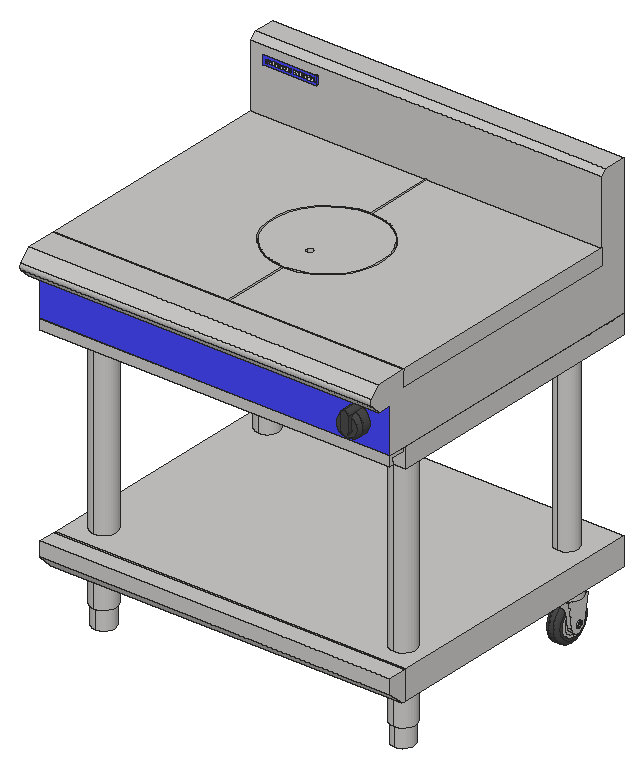
Revit family "QF_MOFFAT_BLUESEAL_CE_G57-LS", category Specialty Equipment, Revit 2012
Parameters
  Width = 900 mm
  Weight in Pounds = 392
  URL Cutsheet = "www.moffat.com"
  URL = "www.moffat.com"
  Type Mark [instance] = ""
  Status [instance] = ""
  Specification by User [instance] = ""
  Specification by Manufacturer = ""
  Show Logo [instance] = yes
  Show Clearance [instance] = yes
  Show Casters [instance] = yes
  Serial Number = ""
  Seismic Rating = ""
  SMACNA No = ""
  Revision Code [instance] = ""
  Omniclass Number and Title = ""
  NAFEM Spec ID Number = ""
  Model = "G57-LS"
  Mechanical Remarks = ""
  Mechanical Connection Type [instance] = ""
  Masterspec = ""
  Manufacturer = "MOFFAT BLUESEAL"
  Legs [instance] = not(Show Casters)  # no
  Item Number [instance] = ""
  Installed By [instance] = ""
  Identify Quantity as Lot [instance] = yes
  Height = 970 mm
  Gas Size = 3/4"
  Gas RI Height [instance] = 0 mm
  Gas KW [instance] = 12.5
  Gas Input [instance] = 42700.0 Btu/h
  Gas Connection Height = 0 mm
  Furnished By [instance] = ""
  Foodservice Equipment Identifier [instance] = yes
  Description = "900MM GAS HOB TARGET TOP ON LEG STAND"
  Depth = 812 mm
  CSI MasterFormat = ""
  CSI Master Format = ""
Reference planes
  plane 1 "BACK": y = 0
  plane 2: z = 0
  plane 3 "LEFT": x = 0
  plane 4 "RIGHT": x = 900
  plane 5 "FRONT": y = -812
  plane 6 "TOP": z = 970
  plane 7 "Center Y": x = 450
  plane 8 "Center X": y = -406
  plane 9: x = 280
  plane 10: y = -574.272
  plane 11: x = 60
  plane 12: y = -304.972
  plane 13: y = -364.972
  plane 14: x = 74
  plane 15: x = 834.5
  plane 16: y = -32
  plane 17: z = 655
  plane 18: z = 1092.45
Forms (mm)
  Extrusion 1, solid, material "QF_Finishes_Stainless Steel"
    sketch origin (0, 0, 0) x (0, 1, 0) y (0, 0, 1)
      loop
        line (0, 150) -> (0, 222.5) -> (-699, 222.5) -> (-699, 150) -> (0, 150)
      loop
        line (0, 1092.45) -> (-57, 1092.45) -> (-70, 1079.45) -> (-70, 875) -> (-705, 875) -> (-705, 915) -> (-783.97, 915) -> (-808.503, 890.467)
        arc (-808.503, 890.467) -> (-812.01, 882) -> (-808.503, 873.533) r 11.974
        line (-808.503, 873.533) -> (-784.97, 850) -> (-749, 850) -> (-749, 736.219) -> (0, 736.219) -> (0, 1092.45)
      loop
        line (-749, 222.5) -> (-749, 186) -> (-713, 150) -> (-703.2, 150) -> (-703.2, 222.5) -> (-749, 222.5)
      loop
        line (-749, 710) -> (-740.224, 710) -> (-742.613, 726.999) -> (-707.93, 726.999) -> (-707.93, 734.003) -> (-749, 734.003) -> (-749, 710)
      loop
        line (-699, 734.003) -> (-699, 684.003) -> (0, 684.003) -> (0, 734.003) -> (-699, 734.003)
    from 0 to 900
  Extrusion 2, solid, material "QF_Finishes_Stainless Steel"
    sketch origin (0, 0, 0) x (0, 1, 0) y (0, 0, 1)
      loop
        line (-70, 915) -> (-705, 915) -> (-705, 875) -> (-70, 875) -> (-70, 915)
    from 0 to 900
  Revolve 3, solid, material "QF_Finishes_Black"
    sketch origin (824.351, 45.874, 0) x (0, 1, 0) y (0, 0, 1)
      loop
        line (-827.874, 829.5) -> (-838.874, 823.651) -> (-838.874, 797) -> (-794.874, 797) -> (-794.874, 802) -> (-804.874, 802) -> (-804.874, 829.5) -> (-827.874, 829.5)
      axis (-838.874, 797) -> (-794.874, 797)
    angle from 0 to 360
  Extrusion 4, solid, material "QF_Finishes_Black"
    sketch origin (676.544, 7, 0) x (1, 0, 0) y (0, 0, 1)
      loop
        line (158.3, 789) -> (158.3, 824)
        arc (158.3, 824) -> (148.3, 834) -> (138.3, 824) r 10
        line (138.3, 824) -> (138.3, 789)
        arc (138.3, 789) -> (148.3, 779) -> (158.3, 789) r 10
    from 759 to 808
  Extrusion 5, void
    sketch origin (0, -72.734, 915) x (1, 0, 0) y (0, -1, 0)
      loop
        line (447.967, 173.281) -> (447.967, -2.734) -> (452.2, -2.734) -> (452.2, 173.283)
        arc (452.2, 173.283) -> (592.5, 315.967) -> (451.798, 458.255) r 142.5
        line (451.798, 458.255) -> (451.798, 632.266) -> (447.7, 632.266) -> (447.7, 458.248)
        arc (447.7, 458.248) -> (307.5, 315.632) -> (447.967, 173.281) r 142.5
      loop
        circle (450, 315.766) r 138
      loop
        circle (450, 370.766) r 8.75
    from 0 to 10
  Revolve 6, solid, material "QF_Finishes_Stainless Steel"
    sketch origin (834.5, -165, 0) x (0, 1, 0) y (0, 0, -1)
      loop
        line (65, -222.5) -> (36.406, -222.5) -> (36.406, -684.003) -> (65, -684.003) -> (65, -222.5)
      axis (65, -684.003) -> (65, -222.5)
    angle from 0 to 360
  Revolve 7, solid, material "QF_Finishes_Stainless Steel"
    sketch origin (834.5, -696.126, 0) x (0, 1, 0) y (0, 0, -1)
      loop
        line (39.376, -150) -> (71.126, -150) -> (71.126, 0) -> (43.626, 0) -> (43.626, -50) -> (39.376, -50) -> (39.376, -150)
      loop
        line (71.126, -222.5) -> (39.376, -222.5) -> (39.376, -684.003) -> (71.126, -684.003) -> (71.126, -222.5)
      axis (71.126, -684.003) -> (71.126, 0)
    angle from 0 to 360
  Revolve 8, solid, material "QF_Finishes_Stainless Steel"
    sketch origin (65.5, -165, 0) x (0, 1, 0) y (0, 0, 1)
      loop
        line (36.406, 684.003) -> (36.406, 222.5) -> (65, 222.5) -> (65, 684.003) -> (36.406, 684.003)
      axis (65, 684.003) -> (65, 222.5)
    angle from 0 to 360
  Revolve 9, solid, material "QF_Finishes_Stainless Steel"
    sketch origin (65.5, -696.126, 0) x (0, 1, 0) y (0, 0, 1)
      loop
        line (39.376, 150) -> (39.376, 50) -> (43.626, 50) -> (43.626, 0) -> (71.126, 0) -> (71.126, 150) -> (39.376, 150)
      loop
        line (71.126, 222.5) -> (71.126, 684.003) -> (39.376, 684.003) -> (39.376, 222.5) -> (71.126, 222.5)
      axis (71.126, 684.003) -> (71.126, 0)
    angle from 0 to 360
  Extrusion 10, solid, material "QF_Finishes_Stainless Steel"
    sketch origin (-64.5, 0, 325) x (1, 0, 0) y (0, 1, 0)
      loop
        circle (834.5, -32) r 10
    from 330 to 355
  Extrusion 11, solid, material "QF_Finishes_Stainless Steel", visible <- "Show Casters"
    sketch origin (71.501, 133.353, -8.783) x (0, 1, 0) y (0, 0, 1)
      loop
        line (-201.603, 118.783) -> (-265.103, 118.783) -> (-252.746, 53.895)
        arc (-252.746, 53.895) -> (-233.353, 38.783) -> (-213.959, 53.895) r 20
        line (-213.959, 53.895) -> (-201.603, 118.783)
    from -35.667 to 22.923
  Revolve 12, solid, material "QF_Finishes_Stainless Steel", visible <- "Show Casters"
    sketch origin (65, -203, 0) x (0, 1, 0) y (0, 0, 1)
      loop
        line (67.25, 150) -> (67.25, 110) -> (103, 110) -> (103, 150) -> (67.25, 150)
      axis (103, 150) -> (103, 110)
    angle from 0 to 360
  Revolve 13, solid, material "QF_Finishes_Stainless Steel", visible <- "Show Casters"
    sketch origin (834.5, -203, 0) x (0, 1, 0) y (0, 0, -1)
      loop
        line (67.25, -150) -> (103, -150) -> (103, -110) -> (67.25, -110) -> (67.25, -150)
      axis (103, -150) -> (103, -110)
    angle from 0 to 360
  Revolve 14, solid, material "QF_Finishes_Stainless Steel", visible <- "Show Casters"
    sketch origin (785.276, -99.755, -13.653) x (1, 0, 0) y (0, 0, 1)
      loop
        line (14.841, 64.453) -> (83.584, 64.453) -> (83.584, 67.958) -> (82.314, 69.228) -> (80.79, 69.228) -> (80.79, 72.674) -> (68.644, 72.674) -> (68.644, 82.639) -> (65.088, 84.692) -> (63.738, 93.028) -> (65.881, 93.028) -> (65.881, 99.378) -> (65.088, 99.378) -> (65.088, 105.728)
        arc (65.088, 105.728) -> (62.298, 112.463) -> (55.563, 115.253) r 9.525
        line (55.563, 115.253) -> (42.863, 115.253)
        arc (42.863, 115.253) -> (36.127, 112.463) -> (33.338, 105.728) r 9.525
        line (33.338, 105.728) -> (33.338, 99.378) -> (32.544, 99.378) -> (32.544, 93.028) -> (34.687, 93.028) -> (33.352, 84.781) -> (29.782, 82.719) -> (29.782, 72.674) -> (17.635, 72.674) -> (17.635, 69.228) -> (16.111, 69.228) -> (14.841, 67.958) -> (14.841, 64.453)
      axis (14.841, 64.453) -> (83.584, 64.453)
    angle from 0 to 360
  Extrusion 15, solid, material "QF_Finishes_Stainless Steel", visible <- "Show Casters"
    sketch origin (841.001, 133.353, -8.783) x (0, 1, 0) y (0, 0, 1)
      loop
        line (-201.603, 118.783) -> (-265.103, 118.783) -> (-252.746, 53.895)
        arc (-252.746, 53.895) -> (-233.353, 38.783) -> (-213.959, 53.895) r 20
        line (-213.959, 53.895) -> (-201.603, 118.783)
    from -35.667 to 22.923
  Revolve 16, solid, material "QF_Finishes_Stainless Steel", visible <- "Legs"
    sketch origin (65, -165, 0) x (0, 1, 0) y (0, 0, 1)
      loop
        line (33.25, 150) -> (33.25, 50) -> (37.5, 50) -> (37.5, 0) -> (65, 0) -> (65, 150) -> (33.25, 150)
      axis (65, 150) -> (65, 0)
    angle from 0 to 360
  Revolve 17, solid, material "QF_Finishes_Stainless Steel", visible <- "Legs"
    sketch origin (834.5, -165, 0) x (0, 1, 0) y (0, 0, -1)
      loop
        line (33.25, -150) -> (65, -150) -> (65, 0) -> (37.5, 0) -> (37.5, -50) -> (33.25, -50) -> (33.25, -150)
      axis (65, -150) -> (65, 0)
    angle from 0 to 360
  Revolve 18, solid, material "QF_Finishes_Stainless Steel", visible <- "Show Casters"
    sketch origin (114.224, -99.755, -13.653) x (-1, 0, 0) y (0, 0, -1)
      loop
        line (14.841, -64.453) -> (14.841, -67.958) -> (16.111, -69.228) -> (17.635, -69.228) -> (17.635, -72.674) -> (29.782, -72.674) -> (29.782, -82.719) -> (33.352, -84.781) -> (34.687, -93.028) -> (32.544, -93.028) -> (32.544, -99.378) -> (33.338, -99.378) -> (33.338, -105.728)
        arc (33.338, -105.728) -> (36.127, -112.463) -> (42.863, -115.253) r 9.525
        line (42.863, -115.253) -> (55.563, -115.253)
        arc (55.563, -115.253) -> (62.298, -112.463) -> (65.088, -105.728) r 9.525
        line (65.088, -105.728) -> (65.088, -99.378) -> (65.881, -99.378) -> (65.881, -93.028) -> (63.738, -93.028) -> (65.088, -84.692) -> (68.644, -82.639) -> (68.644, -72.674) -> (80.79, -72.674) -> (80.79, -69.228) -> (82.314, -69.228) -> (83.584, -67.958) -> (83.584, -64.453) -> (14.841, -64.453)
      axis (14.841, -64.453) -> (83.584, -64.453)
    angle from 0 to 360
Cuts and joins
  Extrusion 5 cuts Extrusion 1
  Extrusion 5 cuts Extrusion 2
Lines and regions (mm)
  Split face 1
    outline origin (900, 0, 1092.45) x (-1, 0, 0) y (0, -1, 0)
      loop
        arc (856, 18.185) -> (864.66, 23.185) -> (864.66, 33.185) r 10
        line (864.66, 33.185) -> (860.619, 40.185)
        arc (860.619, 40.185) -> (856.959, 43.846) -> (851.959, 45.185) r 10
        line (851.959, 45.185) -> (624, 45.185)
        arc (624, 45.185) -> (615.34, 40.185) -> (615.34, 30.185) r 10
        line (615.34, 30.185) -> (619.381, 23.185)
        arc (619.381, 23.185) -> (623.041, 19.525) -> (628.041, 18.185) r 10
        line (628.041, 18.185) -> (856, 18.185)
  Split face 2
    outline origin (900, 0, 1092.45) x (-1, 0, 0) y (0, -1, 0)
      loop
        arc (566, 18.185) -> (574.66, 23.185) -> (574.66, 33.185) r 10
        line (574.66, 33.185) -> (570.619, 40.185)
        arc (570.619, 40.185) -> (566.959, 43.846) -> (561.959, 45.185) r 10
        line (561.959, 45.185) -> (334, 45.185)
        arc (334, 45.185) -> (325.34, 40.185) -> (325.34, 30.185) r 10
        line (325.34, 30.185) -> (329.381, 23.185)
        arc (329.381, 23.185) -> (333.041, 19.525) -> (338.041, 18.185) r 10
        line (338.041, 18.185) -> (566, 18.185)
  Split face 3
    outline origin (900, 0, 1092.45) x (-1, 0, 0) y (0, -1, 0)
      loop
        arc (276, 18.185) -> (284.66, 23.185) -> (284.66, 33.185) r 10
        line (284.66, 33.185) -> (280.619, 40.185)
        arc (280.619, 40.185) -> (276.959, 43.846) -> (271.959, 45.185) r 10
        line (271.959, 45.185) -> (44, 45.185)
        arc (44, 45.185) -> (35.34, 40.185) -> (35.34, 30.185) r 10
        line (35.34, 30.185) -> (39.381, 23.185)
        arc (39.381, 23.185) -> (43.041, 19.525) -> (48.041, 18.185) r 10
        line (48.041, 18.185) -> (276, 18.185)
  symbolic lines
    curve 1: line (0, 0, 0) -> (0, -812, 0)
    curve 2: line (900, 0, 0) -> (0, 0, 0)
    curve 3: line (900, -812, 0) -> (900, 0, 0)
    curve 4: line (0, -70, 0) -> (900, -70, 0)
    curve 5: line (900, -812, 0) -> (0, -812, 0)
    curve 6: line (447.967, -72.734, 0) -> (447.967, -246.014, 0)
    curve 7: line (452.2, -246.017, 0) -> (452.2, -72.734, 0)
    curve 8: line (451.798, -705, 0) -> (451.798, -530.989, 0)
    curve 9: line (447.7, -530.981, 0) -> (447.7, -705, 0)
    curve 10: line (900, -72.734, 0) -> (0, -72.734, 0)
    curve 11: line (0, -705, 0) -> (900, -705, 0)
    curve 12: arc (452.2, -246.017, 0) -> (592.5, -388.701, 0) -> (451.798, -530.989, 0) r 142.5
    curve 13: arc (447.7, -530.981, 0) -> (307.5, -388.366, 0) -> (447.967, -246.014, 0) r 142.5
    curve 14: circle (450, -388.5, 0) r 138 normal (0, 0, 1)
    curve 15: arc (458.75, -443.5, 0) -> (450, -452.25, 0) -> (441.25, -443.5, 0) r 8.75
    curve 16: arc (441.25, -443.5, 0) -> (450, -434.75, 0) -> (458.75, -443.5, 0) r 8.75
    curve 17: line (900, -57, 0) -> (0, -57, 0)
    curve 18: line (276, -45.185, 0) -> (48.041, -45.185, 0)
    curve 19: arc (48.041, -45.185, 0) -> (43.041, -43.846, 0) -> (39.381, -40.185, 0) r 10
    curve 20: line (39.381, -40.185, 0) -> (35.34, -33.185, 0)
    curve 21: arc (35.34, -33.185, 0) -> (35.34, -23.185, 0) -> (44, -18.185, 0) r 10
    curve 22: line (44, -18.185, 0) -> (271.959, -18.185, 0)
    curve 23: arc (271.959, -18.185, 0) -> (276.959, -19.525, 0) -> (280.619, -23.185, 0) r 10
    curve 24: line (280.619, -23.185, 0) -> (284.66, -30.185, 0)
    curve 25: arc (284.66, -30.185, 0) -> (284.66, -40.185, 0) -> (276, -45.185, 0) r 10
    curve 26: line (566, -45.185, 0) -> (338.041, -45.185, 0)
    curve 27: arc (338.041, -45.185, 0) -> (333.041, -43.846, 0) -> (329.381, -40.185, 0) r 10
    curve 28: line (329.381, -40.185, 0) -> (325.34, -33.185, 0)
    curve 29: arc (325.34, -33.185, 0) -> (325.34, -23.185, 0) -> (334, -18.185, 0) r 10
    curve 30: line (334, -18.185, 0) -> (561.959, -18.185, 0)
    curve 31: arc (561.959, -18.185, 0) -> (566.959, -19.525, 0) -> (570.619, -23.185, 0) r 10
    curve 32: line (570.619, -23.185, 0) -> (574.66, -30.185, 0)
    curve 33: arc (574.66, -30.185, 0) -> (574.66, -40.185, 0) -> (566, -45.185, 0) r 10
    curve 34: line (856, -45.185, 0) -> (628.041, -45.185, 0)
    curve 35: arc (628.041, -45.185, 0) -> (623.041, -43.846, 0) -> (619.381, -40.185, 0) r 10
    curve 36: line (619.381, -40.185, 0) -> (615.34, -33.185, 0)
    curve 37: arc (615.34, -33.185, 0) -> (615.34, -23.185, 0) -> (624, -18.185, 0) r 10
    curve 38: line (624, -18.185, 0) -> (851.959, -18.185, 0)
    curve 39: arc (851.959, -18.185, 0) -> (856.959, -19.525, 0) -> (860.619, -23.185, 0) r 10
    curve 40: line (860.619, -23.185, 0) -> (864.66, -30.185, 0)
    curve 41: arc (864.66, -30.185, 0) -> (864.66, -40.185, 0) -> (856, -45.185, 0) r 10
    curve 42: line (0, -783.97, 0) -> (900, -783.97, 0)
Dimensions and locks
  equal spacing: plane 3 "LEFT", plane 7 "Center Y", plane 4 "RIGHT"
  "Width": plane 3 "LEFT" to plane 4 "RIGHT"
  equal spacing: plane 5 "FRONT", plane 8 "Center X", plane 1 "BACK"
  "Depth": plane 5 "FRONT" to plane 1 "BACK"
  equal spacing: plane 4 "RIGHT", plane 7 "Center Y", plane 3 "LEFT"
  plane 4 "RIGHT" to plane 3 "LEFT" = 900 mm
  "Height": plane 6 "TOP" to level
  plane 5 "FRONT" to plane 1 "BACK" = 812 mm
  plane 10 to plane 1 "BACK" = 574.272 mm
  plane 12 to plane 1 "BACK" = 304.972 mm  (x2)
  plane 11 to plane 3 "LEFT" = 60 mm
  plane 14 to plane 3 "LEFT" = 74 mm
  plane 9 to plane 3 "LEFT" = 280 mm
  plane 6 "TOP" to plane 2 = 970 mm
  plane 17 to level = 655 mm
  Revolve 14 sketch curve to Revolve 14 sketch curve = 50.8 mm
  Revolve 18 sketch curve to Revolve 18 sketch curve = 50.8 mm
  aligned and locked: level to plane 2
  aligned and locked: curve 3 to plane 4 "RIGHT"
  aligned and locked: Extrusion 1 to Extrusion 2  (x2)
Automatic sketch dimensions
  Extrusion 2 sketch curve to plane 5 "FRONT" = 107 mm
  Extrusion 2 sketch curve to plane 16 = 38 mm
  plane 17 to Extrusion 2 sketch curve = 220 mm
  Extrusion 2 sketch curve to Extrusion 2 sketch curve = 40 mm
  Revolve 3 sketch curve to plane 5 "FRONT" = 19 mm
  Revolve 3 sketch curve to Revolve 3 sketch curve = 0 mm  (x2)
  Revolve 3 sketch curve to Revolve 3 sketch curve = 11 mm
  Revolve 3 sketch curve to Revolve 3 sketch curve = 12.7 mm
  Revolve 3 sketch curve to Revolve 3 sketch curve = 23 mm
  Revolve 3 sketch curve to Revolve 3 sketch curve = 10 mm
  plane 17 to Revolve 3 sketch curve = 142 mm
  Revolve 3 sketch curve to Revolve 3 sketch curve = 5 mm
  Revolve 3 sketch curve to Revolve 3 sketch curve = 26.651 mm
  Revolve 3 sketch curve to Revolve 3 sketch curve = 5.849 mm
  Extrusion 4 sketch curve to plane 15 = 19.656 mm
  Extrusion 4 sketch curve to plane 15 = 9.656 mm
  plane 17 to Extrusion 4 sketch curve = 134 mm
  Extrusion 4 sketch curve to Extrusion 4 sketch curve = 35 mm
  Extrusion 10 sketch curve to plane 16 = 0 mm
  Revolve 9 sketch curve to level = 0 mm
  plane 17 to Revolve 9 sketch curve = 29.003 mm
  Revolve 9 sketch curve to plane 10 = 82.478 mm
  Revolve 9 sketch curve to Revolve 9 sketch curve = 0 mm  (x2)
  Revolve 9 sketch curve to Revolve 9 sketch curve = 4.25 mm
  Revolve 9 sketch curve to Revolve 9 sketch curve = 27.5 mm
  Revolve 9 sketch curve to Revolve 9 sketch curve = 31.75 mm
  Revolve 9 sketch curve to plane 10 = 50.728 mm
  Revolve 9 sketch curve to level = 55 mm
  Revolve 9 sketch curve to Revolve 9 sketch curve = 50 mm
  Revolve 9 sketch curve to Revolve 9 sketch curve = 100 mm
  Revolve 9 sketch curve to Revolve 9 sketch curve = 72.5 mm
  Revolve 7 sketch curve to level = 0 mm
  Revolve 7 sketch curve to plane 10 = 82.478 mm
  plane 17 to Revolve 7 sketch curve = 29.003 mm
  Revolve 7 sketch curve to Revolve 7 sketch curve = 0 mm  (x2)
  Revolve 7 sketch curve to Revolve 7 sketch curve = 4.25 mm
  Revolve 7 sketch curve to Revolve 7 sketch curve = 27.5 mm
  Revolve 7 sketch curve to Revolve 7 sketch curve = 31.75 mm
  Revolve 7 sketch curve to plane 10 = 50.728 mm
  level to Revolve 7 sketch curve = 222.5 mm
  Revolve 7 sketch curve to Revolve 7 sketch curve = 72.5 mm
  level to Revolve 7 sketch curve = 50 mm
  Revolve 7 sketch curve to Revolve 7 sketch curve = 55 mm
  plane 18 to Extrusion 1 sketch curve = 0 mm
  Extrusion 1 sketch curve to plane 1 "BACK" = 0 mm  (x3)
  Extrusion 1 sketch curve to plane 16 = 25 mm
  Extrusion 1 sketch curve to plane 16 = 38 mm
  Extrusion 1 sketch curve to Extrusion 1 sketch curve = 4.2 mm
  Extrusion 1 sketch curve to Extrusion 1 sketch curve = 8.93 mm
  Extrusion 1 sketch curve to Extrusion 1 sketch curve = 9.8 mm
  Extrusion 1 sketch curve to Extrusion 1 sketch curve = 32.294 mm
  Extrusion 1 sketch curve to Extrusion 1 sketch curve = 2.389 mm
  Extrusion 1 sketch curve to Extrusion 1 sketch curve = 45.8 mm
  Extrusion 1 sketch curve to Extrusion 1 sketch curve = 6.387 mm
  Extrusion 1 sketch curve to Extrusion 1 sketch curve = 8.776 mm
  Extrusion 1 sketch curve to plane 5 "FRONT" = 3.497 mm  (x2)
  plane 18 to Extrusion 1 sketch curve = 13 mm
  Extrusion 1 sketch curve to plane 6 "TOP" = 55 mm
  Extrusion 1 sketch curve to Extrusion 1 sketch curve = 24.533 mm
  Extrusion 1 sketch curve to Extrusion 1 sketch curve = 8.467 mm
  Extrusion 1 sketch curve to Extrusion 1 sketch curve = 40 mm
  Extrusion 1 sketch curve to Extrusion 1 sketch curve = 25 mm
  plane 17 to Extrusion 1 sketch curve = 81.219 mm
  Extrusion 1 sketch curve to Extrusion 1 sketch curve = 2.216 mm  (x2)
  Extrusion 1 sketch curve to Extrusion 1 sketch curve = 7.004 mm
  Extrusion 1 sketch curve to Extrusion 1 sketch curve = 16.999 mm
  plane 17 to Extrusion 1 sketch curve = 29.003 mm
  level to Extrusion 1 sketch curve = 222.5 mm
  Extrusion 1 sketch curve to Extrusion 1 sketch curve = 0 mm  (x2)
  Extrusion 1 sketch curve to Extrusion 1 sketch curve = 36.5 mm
  Extrusion 1 sketch curve to Extrusion 1 sketch curve = 36 mm
  plane 17 to Revolve 6 sketch curve = 29.003 mm
  Revolve 6 sketch curve to plane 16 = 96.594 mm
  Revolve 6 sketch curve to Revolve 6 sketch curve = 28.594 mm
  Revolve 6 sketch curve to Revolve 6 sketch curve = 0 mm  (x2)
  level to Revolve 6 sketch curve = 222.5 mm
  Revolve 6 sketch curve to Revolve 6 sketch curve = 50 mm
  plane 17 to Revolve 8 sketch curve = 29.003 mm
  Revolve 8 sketch curve to plane 16 = 96.594 mm
  Revolve 8 sketch curve to Revolve 8 sketch curve = 28.594 mm
  Revolve 8 sketch curve to Revolve 8 sketch curve = 0 mm  (x2)
  level to Revolve 8 sketch curve = 222.5 mm
  Revolve 8 sketch curve to Revolve 8 sketch curve = 55 mm
  Extrusion 5 sketch curve to Extrusion 5 sketch curve = 0 mm  (x4)
  Extrusion 5 sketch curve to Extrusion 2 = 0 mm
  Extrusion 2 to Extrusion 5 sketch curve = 0 mm
  Extrusion 2 to Extrusion 5 sketch curve = 174.019 mm
  Extrusion 2 to Extrusion 5 sketch curve = 447.7 mm
  Extrusion 5 sketch curve to Extrusion 5 sketch curve = 4.098 mm
  Extrusion 5 sketch curve to Extrusion 5 sketch curve = 4.232 mm
  Extrusion 5 sketch curve to Extrusion 5 sketch curve = 0.007 mm
  Extrusion 5 sketch curve to Extrusion 5 sketch curve = 4.481 mm
  Extrusion 5 sketch curve to Extrusion 5 sketch curve = 138 mm
  Extrusion 2 to Extrusion 5 sketch curve = 447.967 mm
  Extrusion 5 sketch curve to Extrusion 5 sketch curve = 2.3 mm
  Extrusion 10 sketch curve to plane 15 = 64.5 mm
  curve 12 to curve 13 = 0 mm  (x2)
  curve 12 to curve 14 = 0 mm  (x2)
  plane 1 "BACK" to curve 1 = 0 mm
  curve 1 to plane 3 "LEFT" = 0 mm
  curve 15 to plane 7 "Center Y" = 0 mm
  curve 13 to plane 7 "Center Y" = 0 mm
  plane 5 "FRONT" to curve 1 = 0 mm
  curve 16 to plane 7 "Center Y" = 8.75 mm
  curve 9 to plane 7 "Center Y" = 2.3 mm
  curve 6 to plane 7 "Center Y" = 2.033 mm
  plane 7 "Center Y" to curve 12 = 1.798 mm
  plane 7 "Center Y" to curve 7 = 2.2 mm
  plane 10 to curve 8 = 43.284 mm
  curve 8 to curve 9 = 0.007 mm
  curve 16 to plane 8 "Center X" = 37.5 mm
  plane 8 "Center X" to curve 13 = 17.5 mm
  curve 6 to plane 16 = 40.734 mm
  curve 10 to curve 4 = 2.734 mm
  curve 4 to curve 17 = 13 mm
  curve 21 to plane 16 = 1.185 mm
  plane 4 "RIGHT" to curve 21 = 864.66 mm
  curve 21 to curve 19 = 4.041 mm
  plane 16 to curve 21 = 3.815 mm
  curve 20 to curve 21 = 8.66 mm
  curve 20 to curve 18 = 8.66 mm
  curve 19 to curve 22 = 223.917 mm
  curve 23 to curve 18 = 4.041 mm
  curve 22 to curve 23 = 8.66 mm
  plane 16 to curve 25 = 1.815 mm
  curve 24 to curve 25 = 4.041 mm
  curve 19 to plane 16 = 13.185 mm
  curve 20 to curve 21 = 7 mm
  plane 16 to curve 23 = 3.815 mm
  curve 28 to plane 16 = 1.185 mm
  curve 24 to curve 28 = 40.679 mm
  curve 28 to plane 16 = 8.185 mm
  curve 29 to curve 28 = 4.041 mm
  curve 28 to curve 30 = 8.66 mm
  curve 27 to curve 26 = 8.66 mm
  plane 16 to curve 31 = 13.815 mm
  curve 27 to curve 31 = 223.917 mm
  curve 33 to plane 16 = 3.185 mm
  curve 31 to curve 33 = 4.041 mm
  plane 16 to curve 32 = 8.815 mm
  curve 31 to curve 32 = 8.66 mm
  plane 16 to curve 33 = 1.815 mm
  curve 32 to curve 33 = 4.041 mm
  curve 37 to plane 16 = 1.185 mm
  curve 33 to curve 37 = 40.679 mm
  curve 37 to curve 35 = 4.041 mm  (x2)
  plane 16 to curve 37 = 3.815 mm
  curve 36 to curve 37 = 8.66 mm
  curve 35 to plane 16 = 3.185 mm
  curve 35 to curve 38 = 223.917 mm
  curve 39 to curve 34 = 4.041 mm
  curve 38 to curve 39 = 8.66 mm
  plane 16 to curve 41 = 1.815 mm
  curve 40 to curve 41 = 4.041 mm
  curve 34 to plane 16 = 13.185 mm
  plane 16 to curve 39 = 3.815 mm
  cut or joined group of Extrusion 1, Extrusion 5 to Split face 1 sketch curve = 26.815 mm
  Split face 1 sketch curve to cut or joined group of Extrusion 1, Extrusion 5 = 284.66 mm
  Split face 1 sketch curve to Split face 1 sketch curve = 4.041 mm  (x4)
  Split face 1 sketch curve to Split face 1 sketch curve = 8.66 mm  (x2)
  cut or joined group of Extrusion 1, Extrusion 5 to Split face 1 sketch curve = 11.815 mm
  Split face 1 sketch curve to cut or joined group of Extrusion 1, Extrusion 5 = 48.041 mm
  Split face 1 sketch curve to Split face 1 sketch curve = 7 mm  (x3)
  Split face 1 sketch curve to Split face 1 sketch curve = 17 mm
  cut or joined group of Extrusion 1, Extrusion 5 to Split face 2 sketch curve = 26.815 mm
  Split face 2 sketch curve to cut or joined group of Extrusion 1, Extrusion 5 = 325.34 mm
  Split face 2 sketch curve to Split face 2 sketch curve = 4.041 mm  (x4)
  Split face 2 sketch curve to Split face 2 sketch curve = 8.66 mm  (x2)
  cut or joined group of Extrusion 1, Extrusion 5 to Split face 2 sketch curve = 11.815 mm
  Split face 2 sketch curve to Split face 2 sketch curve = 223.917 mm
  Split face 2 sketch curve to Split face 2 sketch curve = 7 mm  (x3)
  Split face 2 sketch curve to Split face 2 sketch curve = 17 mm
  Split face 3 sketch curve to cut or joined group of Extrusion 1, Extrusion 5 = 35.34 mm
  Split face 3 sketch curve to Split face 3 sketch curve = 4.041 mm  (x4)
  Split face 3 sketch curve to Split face 3 sketch curve = 8.66 mm  (x2)
  cut or joined group of Extrusion 1, Extrusion 5 to Split face 3 sketch curve = 11.815 mm
  Split face 3 sketch curve to Split face 3 sketch curve = 223.917 mm
  Split face 3 sketch curve to Split face 3 sketch curve = 5 mm
  Split face 3 sketch curve to Split face 3 sketch curve = 10 mm
  Split face 3 sketch curve to Split face 3 sketch curve = 7 mm  (x3)
  Extrusion 11 sketch curve to plane 16 = 99.75 mm
  Extrusion 11 sketch curve to Extrusion 11 sketch curve = 12.357 mm
  Extrusion 11 sketch curve to Extrusion 11 sketch curve = 19.393 mm  (x2)
  level to Extrusion 11 sketch curve = 45.111 mm
  Extrusion 11 sketch curve to plane 16 = 36.25 mm
  Extrusion 11 sketch curve to Extrusion 11 sketch curve = 4.889 mm
  Extrusion 11 sketch curve to Extrusion 11 sketch curve = 64.889 mm
  Revolve 12 sketch curve to plane 16 = 103.75 mm
  Revolve 12 sketch curve to plane 16 = 68 mm
  Revolve 12 sketch curve to Revolve 12 sketch curve = 35.75 mm
  Revolve 12 sketch curve to level = 55 mm
  level to Revolve 12 sketch curve = 50 mm
  Revolve 12 sketch curve to Revolve 12 sketch curve = 60 mm
  Revolve 12 sketch curve to Revolve 12 sketch curve = 40 mm
  Revolve 13 sketch curve to plane 16 = 103.75 mm
  Revolve 13 sketch curve to plane 16 = 68 mm
  Revolve 13 sketch curve to Revolve 13 sketch curve = 35.75 mm
  level to Revolve 13 sketch curve = 150 mm
  Revolve 13 sketch curve to Revolve 13 sketch curve = 40 mm
  level to Revolve 13 sketch curve = 50 mm
  Revolve 13 sketch curve to level = 55 mm
  Revolve 14 sketch curve to plane 15 = 34.382 mm
  Revolve 14 sketch curve to Revolve 14 sketch curve = 1.27 mm  (x4)
  Revolve 14 sketch curve to Revolve 14 sketch curve = 1.524 mm  (x2)
  Revolve 14 sketch curve to Revolve 14 sketch curve = 12.146 mm  (x2)
  Revolve 14 sketch curve to plane 15 = 16.68 mm
  Revolve 14 sketch curve to Revolve 14 sketch curve = 0.794 mm  (x2)
  Revolve 14 sketch curve to Revolve 14 sketch curve = 3.57 mm
  Revolve 14 sketch curve to Revolve 14 sketch curve = 2.143 mm
  Revolve 14 sketch curve to plane 15 = 6.361 mm
  plane 15 to Revolve 14 sketch curve = 5.13 mm
  plane 15 to Revolve 14 sketch curve = 6.339 mm
  plane 15 to Revolve 14 sketch curve = 14.515 mm
  Revolve 14 sketch curve to Revolve 14 sketch curve = 1.349 mm  (x2)
  Revolve 14 sketch curve to Revolve 14 sketch curve = 3.556 mm
  Revolve 14 sketch curve to plane 4 "RIGHT" = 2.18 mm
  level to Revolve 14 sketch curve = 50.8 mm
  Revolve 14 sketch curve to Revolve 14 sketch curve = 0 mm
  Revolve 14 sketch curve to Revolve 14 sketch curve = 3.505 mm  (x2)
  Revolve 14 sketch curve to Revolve 14 sketch curve = 3.447 mm  (x2)
  Revolve 14 sketch curve to Revolve 14 sketch curve = 9.964 mm
  Revolve 14 sketch curve to Revolve 14 sketch curve = 10.045 mm
  Revolve 14 sketch curve to Revolve 14 sketch curve = 2.053 mm
  Revolve 14 sketch curve to Revolve 14 sketch curve = 2.061 mm
  Revolve 14 sketch curve to Revolve 14 sketch curve = 8.247 mm
  Revolve 14 sketch curve to Revolve 14 sketch curve = 8.336 mm
  Revolve 14 sketch curve to Revolve 14 sketch curve = 6.35 mm  (x2)
  Extrusion 15 sketch curve to plane 16 = 99.75 mm
  Extrusion 15 sketch curve to Extrusion 15 sketch curve = 12.357 mm
  Extrusion 15 sketch curve to Extrusion 15 sketch curve = 19.393 mm  (x2)
  level to Extrusion 15 sketch curve = 45.111 mm
  Extrusion 15 sketch curve to plane 16 = 36.25 mm
  Extrusion 15 sketch curve to Extrusion 15 sketch curve = 4.889 mm
  Extrusion 15 sketch curve to Extrusion 15 sketch curve = 64.889 mm
  Revolve 16 sketch curve to level = 0 mm
  Revolve 16 sketch curve to plane 16 = 99.75 mm
  Revolve 16 sketch curve to Revolve 16 sketch curve = 4.25 mm
  Revolve 16 sketch curve to Revolve 16 sketch curve = 27.5 mm  (x2)
  Revolve 16 sketch curve to level = 55 mm
  Revolve 16 sketch curve to Revolve 16 sketch curve = 50 mm
  Revolve 16 sketch curve to Revolve 16 sketch curve = 0 mm
  Revolve 16 sketch curve to Revolve 16 sketch curve = 100 mm
  Revolve 17 sketch curve to level = 0 mm
  Revolve 17 sketch curve to plane 16 = 99.75 mm
  Revolve 17 sketch curve to Revolve 17 sketch curve = 4.25 mm
  Revolve 17 sketch curve to Revolve 17 sketch curve = 27.5 mm  (x2)
  level to Revolve 17 sketch curve = 50 mm
  Revolve 17 sketch curve to Revolve 17 sketch curve = 0 mm
  Revolve 17 sketch curve to Revolve 17 sketch curve = 100 mm
  Revolve 17 sketch curve to Revolve 17 sketch curve = 55 mm
  plane 14 to Revolve 18 sketch curve = 25.382 mm
  Revolve 18 sketch curve to Revolve 18 sketch curve = 1.27 mm  (x4)
  Revolve 18 sketch curve to Revolve 18 sketch curve = 1.524 mm  (x2)
  plane 14 to Revolve 18 sketch curve = 10.442 mm
  plane 14 to Revolve 18 sketch curve = 7.68 mm
  Revolve 18 sketch curve to Revolve 18 sketch curve = 0.794 mm  (x2)
  Revolve 18 sketch curve to Revolve 18 sketch curve = 3.57 mm
  Revolve 18 sketch curve to Revolve 18 sketch curve = 2.143 mm
  Revolve 18 sketch curve to plane 14 = 2.639 mm
  Revolve 18 sketch curve to plane 11 = 0.13 mm
  Revolve 18 sketch curve to plane 11 = 1.339 mm
  Revolve 18 sketch curve to plane 11 = 9.515 mm
  Revolve 18 sketch curve to Revolve 18 sketch curve = 1.349 mm  (x2)
  Revolve 18 sketch curve to Revolve 18 sketch curve = 3.556 mm
  Revolve 18 sketch curve to Revolve 18 sketch curve = 12.146 mm
  Revolve 18 sketch curve to plane 3 "LEFT" = 2.68 mm
  level to Revolve 18 sketch curve = 101.6 mm
  Revolve 18 sketch curve to Revolve 18 sketch curve = 6.35 mm  (x4)
  Revolve 18 sketch curve to Revolve 18 sketch curve = 8.247 mm
  Revolve 18 sketch curve to Revolve 18 sketch curve = 8.336 mm
  Revolve 18 sketch curve to Revolve 18 sketch curve = 2.061 mm
  Revolve 18 sketch curve to Revolve 18 sketch curve = 2.053 mm
  Revolve 18 sketch curve to Revolve 18 sketch curve = 10.045 mm
  Revolve 18 sketch curve to Revolve 18 sketch curve = 9.964 mm
  Revolve 18 sketch curve to Revolve 18 sketch curve = 3.447 mm  (x2)
  Revolve 18 sketch curve to Revolve 18 sketch curve = 3.505 mm
  curve 42 to plane 5 "FRONT" = 28.03 mm
  curve 42 to curve 11 = 78.97 mm
  Extrusion 1 sketch curve to plane 5 "FRONT" = 11.964 mm
  Extrusion 1 sketch curve to plane 5 "FRONT" = 27.03 mm
  Extrusion 1 sketch curve to plane 5 "FRONT" = 28.03 mm
  Extrusion 1 sketch curve to Extrusion 1 sketch curve = 35.97 mm
  Extrusion 1 sketch curve to plane 5 "FRONT" = 63 mm
  Extrusion 1 sketch curve to Extrusion 1 sketch curve = 44 mm
  radius of Extrusion 10 sketch curve = 10 mm
  radius of curve 14 = 138 mm
Nested families
  nested 1: "WALDORF LOGO_FACE BASE" at (32, -70, 1055.959) x (1, 0, 0) z (0, -1, 0), visible <- "Show Logo", type "WALDORF LOGO_FACE BASE", detail levels medium+fine
    with Show Logo yes
Connectors
  piping at (770, -32, 655)
    settings: on Extrusion 10, index 4, connector radius 0.37402", flow factor 0, pipe flow 0 GPM, pressure drop 0.00 psi, fitting loss kfactor 0, connector angle 0.00°, fixture units 0, engagement length 0 mm, flow configuration 1, flow direction 1, fitting loss method 0, system type 7, joint type 0, gender type 0, connector reference index -1, connector utility 0, adjustable connector no, is connector primary yes, fitting loss table "", connector description "GAS CONNECTION"
Definition of nested family "WALDORF LOGO_FACE BASE"
  Parameters (values of type "WALDORF LOGO_FACE BASE")
    Show Logo [instance] = yes
    Default Elevation = 1219.2 mm
  Reference planes
    plane 1 "Center (Front/Back)": y = 0
    plane 2: z = 0
    plane 3 "Center (Left/Right)": x = 0
  Forms (mm)
    Extrusion 1, solid
      sketch origin (0, 0, 0) x (1, 0, 0) y (0, 1, 0)
        loop
          line (-1219.2, 1219.2) -> (-1219.2, -1219.2) -> (1219.2, -1219.2) -> (1219.2, 1219.2) -> (-1219.2, 1219.2)
      from 0 to -304.8
    Extrusion 2, solid, material "QF_Finishes_Blue", visible <- "Show Logo"
      sketch origin (0, -33.217, 0) x (1, 0, 0) y (0, 1, 0)
        loop
          arc (138, 31.942) -> (137.626, 32.844) -> (136.724, 33.217) r 1.276
          line (136.724, 33.217) -> (1.29, 33.217)
          arc (1.29, 33.217) -> (0.378, 32.839) -> (0, 31.927) r 1.29
          line (0, 31.927) -> (0, 11.507)
          arc (0, 11.507) -> (0.378, 10.595) -> (1.29, 10.217) r 1.29
          line (1.29, 10.217) -> (136.71, 10.217)
          arc (136.71, 10.217) -> (137.622, 10.595) -> (138, 11.507) r 1.29
          line (138, 11.507) -> (138, 31.942)
      from 0 to 1.588
    Extrusion 3, solid, material "QF_Finishes_White", visible <- "Show Logo"
      sketch origin (0, -33.217, 1.588) x (1, 0, 0) y (0, 1, 0)
        loop
          arc (108.946, 25.919) -> (107.613, 25.367) -> (107.061, 24.034) r 1.885
          line (107.061, 24.034) -> (107.061, 17.211) -> (112.704, 17.211) -> (112.704, 19.129) -> (115.546, 19.129) -> (115.546, 17.211) -> (121.584, 17.211) -> (121.584, 24.075)
          arc (121.584, 24.075) -> (121.043, 25.379) -> (119.739, 25.919) r 1.845
          line (119.739, 25.919) -> (108.946, 25.919)
        loop
          line (123.478, 25.919) -> (123.478, 17.163) -> (134.904, 17.163) -> (134.904, 19.129) -> (129.246, 19.129) -> (129.246, 25.919) -> (123.478, 25.919)
        loop
          line (112.704, 21.258) -> (115.546, 21.258) -> (115.546, 22.702)
          arc (115.546, 22.702) -> (115.344, 23.188) -> (114.858, 23.389) r 0.687
          line (114.858, 23.389) -> (113.363, 23.389)
          arc (113.363, 23.389) -> (112.897, 23.196) -> (112.704, 22.73) r 0.658
          line (112.704, 22.73) -> (112.704, 21.258)
        loop
          line (105.071, 25.919) -> (93.771, 25.919) -> (93.771, 17.163) -> (105.071, 17.163) -> (105.071, 19.063) -> (99.535, 19.063) -> (99.535, 20.437) -> (105.071, 20.437) -> (105.071, 22.278) -> (99.535, 22.278) -> (99.535, 23.587) -> (105.071, 23.587) -> (105.071, 25.919)
        loop
          line (91.104, 25.919) -> (79.541, 25.919)
          arc (79.541, 25.919) -> (78.558, 25.513) -> (78.152, 24.53) r 1.389
          line (78.152, 24.53) -> (78.152, 22.08)
          arc (78.152, 22.08) -> (78.558, 21.098) -> (79.541, 20.691) r 1.389
          line (79.541, 20.691) -> (86.346, 20.691) -> (86.346, 18.864) -> (83.266, 18.864) -> (83.266, 19.664) -> (78.152, 19.664) -> (78.152, 18.553)
          arc (78.152, 18.553) -> (78.558, 17.57) -> (79.541, 17.163) r 1.389
          line (79.541, 17.163) -> (91.063, 17.163)
          arc (91.063, 17.163) -> (92.045, 17.57) -> (92.452, 18.553) r 1.389
          line (92.452, 18.553) -> (92.452, 20.691)
          arc (92.452, 20.691) -> (92.045, 21.673) -> (91.063, 22.08) r 1.389
          line (91.063, 22.08) -> (83.266, 22.08) -> (83.266, 23.984) -> (86.346, 23.984) -> (86.346, 22.743) -> (92.452, 22.743) -> (92.452, 24.571)
          arc (92.452, 24.571) -> (92.057, 25.524) -> (91.104, 25.919) r 1.348
        loop
          line (70.705, 25.919) -> (59.405, 25.919) -> (59.405, 17.163) -> (70.705, 17.163) -> (70.705, 19.063) -> (65.169, 19.063) -> (65.169, 20.437) -> (70.705, 20.437) -> (70.705, 22.278) -> (65.169, 22.278) -> (65.169, 23.587) -> (70.705, 23.587) -> (70.705, 25.919)
        loop
          line (57.598, 25.919) -> (51.7, 25.919) -> (51.7, 20.18)
          arc (51.7, 20.18) -> (50.63, 19.11) -> (49.56, 20.18) r 1.07
          line (49.56, 20.18) -> (49.56, 25.919) -> (43.663, 25.919) -> (43.663, 19.049)
          arc (43.663, 19.049) -> (44.215, 17.716) -> (45.548, 17.163) r 1.885
          line (45.548, 17.163) -> (55.71, 17.163)
          arc (55.71, 17.163) -> (57.045, 17.716) -> (57.598, 19.051) r 1.887
          line (57.598, 19.051) -> (57.598, 25.919)
        loop
          line (31.62, 25.919) -> (31.62, 17.163) -> (43.046, 17.163) -> (43.046, 19.129) -> (37.388, 19.129) -> (37.388, 25.919) -> (31.62, 25.919)
        loop
          line (15.969, 25.919) -> (15.969, 17.163) -> (28.693, 17.163)
          arc (28.693, 17.163) -> (29.812, 17.627) -> (30.276, 18.746) r 1.582
          line (30.276, 18.746) -> (30.276, 20.447) -> (29.48, 21.243) -> (30.276, 22.039) -> (30.276, 24.332)
          arc (30.276, 24.332) -> (29.811, 25.454) -> (28.688, 25.919) r 1.587
          line (28.688, 25.919) -> (15.969, 25.919)
        loop
          line (21.449, 24.159) -> (21.449, 22.436) -> (23.862, 22.436)
          arc (23.862, 22.436) -> (24.723, 23.298) -> (23.862, 24.159) r 0.861
          line (23.862, 24.159) -> (21.449, 24.159)
        loop
          line (21.449, 20.244) -> (21.449, 18.522) -> (23.862, 18.522)
          arc (23.862, 18.522) -> (24.723, 19.383) -> (23.862, 20.244) r 0.861
          line (23.862, 20.244) -> (21.449, 20.244)
      from 0 to 0.2
    Extrusion 4, solid, material "QF_Finishes_Blue", visible <- "Show Logo"
      sketch origin (-126.498, -31.09, 1.588) x (1, 0, 0) y (0, 1, 0)
        loop
          line (136.738, 23.522) -> (136.738, 15.1)
          arc (136.738, 15.1) -> (140.756, 19.311) -> (136.738, 23.522) r 4.216
      from 0 to 0.2
    Extrusion 5, solid, material "QF_Finishes_Red", visible <- "Show Logo"
      sketch origin (146.849, -31.09, 1.588) x (-1, 0, 0) y (0, -1, 0)
        loop
          arc (136.738, -23.522) -> (140.756, -19.311) -> (136.738, -15.1) r 4.216
          line (136.738, -15.1) -> (136.738, -23.522)
      from 0 to 0.2
  Lines and regions (mm)
    Split face 1
      outline origin (-90.35, -30.793, 1.588) x (1, 0, 0) y (0, 1, 0)
        loop
          circle (100.54, 19.013) r 4.536
  Dimensions and locks
    aligned and locked: plane 2 to Extrusion 1
    aligned and locked: level to Extrusion 1
